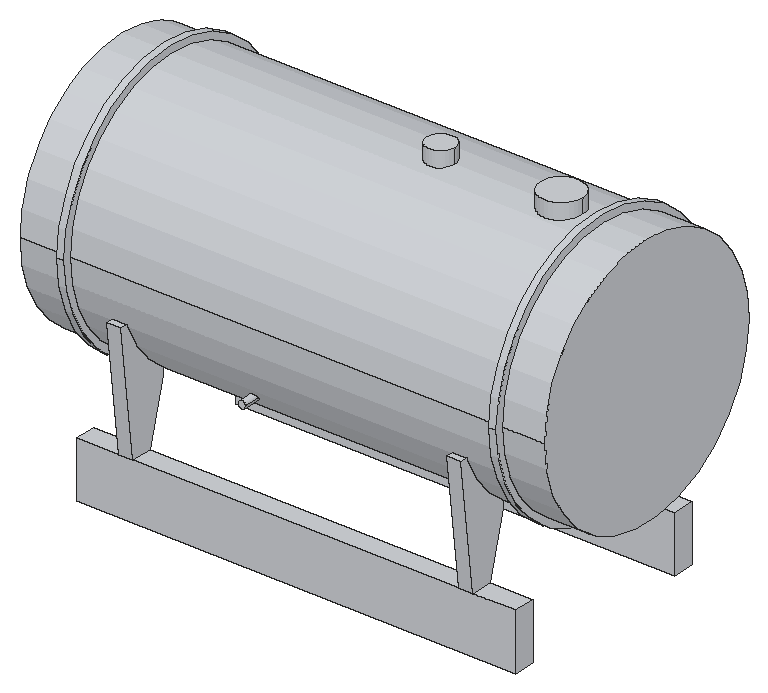
Revit family "M_Caldeira de tubo de fogo", category Equipamento mecânico, Revit 2019
Family settings
  Cota do conector redondo = Usar raio
  Tipo de parte = Normal
  Número OmniClass = 23.75.10.11.14.21
  Título OmniClass = Firebox Heating Boilers
  ID de item do Seek = Firetube Boiler-0000-CAN-ENU
  Com base no plano de trabalho = Não
  Sempre na vertical = Sim
  Corte com vazios quando carregada = Não
  Compartilhado = Não
  Ponto de cálculo do ambiente = Não
Parameters (values of type "15 kW")
  Fluxo da água [instance] = 0.0 L/s
  Fluxo do vapor [instance] = 8.83 L/s
  Raio da ventilação = 75 mm
  Diâmetro da ventilação = Raio da ventilação * 2  # 150 mm
  Raio do vapor = 50 mm
  Queda de pressão do vapor [instance] = 0.0 Pa
  Diâmetro do vapor = Raio do vapor * 2  # 100 mm
  Comprimento da tubulação 2 = 1143 mm
  Comprimento da tubulação 1 = 759 mm
  Altura da tubulação 1 = 530 mm
  Calor de saída [instance] = 15000 W
  Comprimento 3 = Comprimento 1 - 212.725 mm * tan(15.00°)  # 262.901 mm
  Comprimento 2 = Diâmetro da caldeira * 0.9 / 2  # 411.3 mm
  Comprimento 1 = Diâmetro da caldeira * 0.7 / 2  # 319.9 mm
  Calor de entrada [instance] = 18750 W
  Altura 1 = Raio da caldeira + 50.8 mm  # 507.8 mm
  Raio do gás = 12.5 mm
  Fluxo de gás [instance] = 0.0 L/s
  Diâmetro do gás = Raio do gás * 2  # 25 mm
  Fluxo do ar de exaustão [instance] = 0.0 L/s
  Comprimento do duto = 304 mm
  Raio da água gelada = 12.5 mm
  Diâmetro da água gelada = Raio da água gelada * 2  # 25 mm
  Raio da caldeira = Diâmetro da caldeira / 2  # 457 mm
  Deslocamento do raio da caldeira = Raio da caldeira + 25.4 mm  # 482.4 mm
  Material do boiler = none
  Comprimento da caldeira = 1880 mm
  Altura da caldeira = Altura central da caldeira + Raio da caldeira + 50.8 mm  # 1326.8 mm
  Diâmetro da caldeira = 914 mm
  Altura central da caldeira = 819 mm
Types (7, lengths in mm): name | Fluxo do vapor | Raio da ventilação | Diâmetro da ventilação | Raio do vapor | Diâmetro do vapor | Comprimento da tubulação 2 | Comprimento da tubulação 1 | Altura da tubulação 1 | Calor de saída | Comprimento 3 | Comprimento 2 | Comprimento 1 | Calor de entrada | Altura 1 | Raio do gás | Diâmetro do gás | Comprimento do duto | Raio da água gelada | Diâmetro da água gelada | Raio da caldeira | Deslocamento do raio da caldeira | Comprimento da caldeira | Altura da caldeira | Diâmetro da caldeira | Altura central da caldeira
  (no name) | 8.83 L/s | 75 | 150 | 50 | 100 | 1143 | 759 | 530 | 15000 W | 262.901 | 411.3 | 319.9 | 18750 W | 507.8 | 12.5 | 25 | 304 | 12.5 | 25 | 457 | 482.4 | 1880 | 1326.8 | 914 | 819
  15 kW | 8.83 L/s | 75 | 150 | 50 | 100 | 1143 | 759 | 530 | 15000 W | 262.901 | 411.3 | 319.9 | 18750 W | 507.8 | 12.5 | 25 | 304 | 12.5 | 25 | 457 | 482.4 | 1880 | 1326.8 | 914 | 819
  30 kW | 17.6 L/s | 100 | 200 | 75 | 150 | 1626 | 1143 | 530 | 30000 W | 262.901 | 411.3 | 319.9 | 37500 W | 507.8 | 12.5 | 25 | 330 | 12.5 | 25 | 457 | 482.4 | 2997 | 1326.8 | 914 | 819
  45 kW | 22.02 L/s | 125 | 250 | 75 | 150 | 1346 | 987 | 603 | 45000 W | 369.651 | 548.55 | 426.65 | 56250 W | 660.3 | 25 | 50 | 356 | 25 | 50 | 609.5 | 634.9 | 2692 | 1632.3 | 1219 | 972
  53 kW | 23.97 L/s | 150 | 300 | 75 | 150 | 1803 | 1451 | 603 | 52500 W | 369.651 | 548.55 | 426.65 | 65625 W | 660.3 | 25 | 50 | 381 | 25 | 50 | 609.5 | 634.9 | 3658 | 1632.3 | 1219 | 972
  60 kW | 26.37 L/s | 150 | 300 | 75 | 150 | 1803 | 1451 | 603 | 60000 W | 369.651 | 548.55 | 426.65 | 75000 W | 660.3 | 25 | 50 | 381 | 25 | 50 | 609.5 | 634.9 | 3658 | 1632.3 | 1219 | 972
  75 kW | 35.14 L/s | 150 | 300 | 75 | 150 | 2007 | 1654 | 603 | 75000 W | 369.651 | 548.55 | 426.65 | 93750 W | 660.3 | 25 | 50 | 381 | 25 | 50 | 609.5 | 634.9 | 4115 | 1632.3 | 1219 | 972
Reference planes
  plane 1 "Centro (Frente/Trás)": y = 0
  plane 2: z = 0
  plane 3 "Centro (Esquerda/Direita)": x = 0
  plane 4: y = -792.2
  plane 5: y = -76.2
  plane 6: y = -716
  plane 7: y = -396.1
  plane 8: x = -1727.6
  plane 9: x = 152.4
  plane 10: x = -1575.2
  plane 11: z = 203.2
  plane 12: z = 415.925
  plane 13: z = 650.875
  plane 14: y = -133.199
  plane 15: y = -659.001
  plane 16: y = 54.126
  plane 17: y = -846.326
  plane 18: z = 819
  plane 19: x = -584.6
  plane 20: x = -151.6
  plane 21: z = 1326.8
  plane 22: x = -968.6
  plane 23: z = 530
  plane 24: y = -807.4
  plane 25: y = 15.2
  plane 26: x = -1270.4
Forms (mm)
  Extrusion 1, solid, material <- "Material do boiler"
    sketch origin (0, 0, 0) x (0, 1, 0) y (0, 0, 1)
      loop
        line (0, 203.2) -> (-76.2, 203.2) -> (-76.2, 0) -> (0, 0) -> (0, 203.2)
      loop
        line (-716, 203.2) -> (-792.2, 203.2) -> (-792.2, 0) -> (-716, 0) -> (-716, 203.2)
    from -1575.2 to 0
  Extrusion 2, solid, material <- "Material do boiler"
    sketch origin (0, 0, 0) x (0, 1, 0) y (0, 0, 1)
      loop
        line (-76.2, 203.2) -> (0, 203.2) -> (54.126, 650.875) -> (-133.199, 650.875) -> (-133.199, 415.925) -> (-76.2, 203.2)
      loop
        line (-716, 203.2) -> (-659.001, 415.925) -> (-659.001, 650.875) -> (-846.326, 650.875) -> (-792.2, 203.2) -> (-716, 203.2)
    from -1372 to -1422.8
  Extrusion 3, solid, material <- "Material do boiler"
    sketch origin (0, 0, 0) x (0, 1, 0) y (0, 0, 1)
      loop
        line (54.126, 650.875) -> (-133.199, 650.875) -> (-133.199, 415.925) -> (-76.2, 203.2) -> (0, 203.2) -> (54.126, 650.875)
      loop
        line (-659.001, 650.875) -> (-846.326, 650.875) -> (-792.2, 203.2) -> (-716, 203.2) -> (-659.001, 415.925) -> (-659.001, 650.875)
    from -152.4 to -203.2
  Extrusion 4, solid, material <- "Material do boiler"
    sketch origin (0, 0, 0) x (0, 1, 0) y (0, 0, 1)
      loop
        circle (-396.1, 819) r 457
    from -1727.6 to 152.4
  Extrusion 5, solid, material <- "Material do boiler", detail levels fine
    sketch origin (0, 0, 0) x (0, 1, 0) y (0, 0, 1)
      loop
        circle (-396.1, 819) r 482.4
    from 0 to -25.4
  Extrusion 6, solid, material <- "Material do boiler", detail levels fine
    sketch origin (0, 0, 0) x (0, 1, 0) y (0, 0, 1)
      loop
        circle (-396.1, 819) r 482.4
    from -1575.2 to -1549.8
  Extrusion 7, solid, material <- "Material do boiler"
    sketch origin (0, 0, 0) x (1, 0, 0) y (0, 1, 0)
      loop
        circle (-584.6, -396.1) r 50
      loop
        circle (-151.6, -396.1) r 75
    from 819 to 1326.8
  Extrusion 8, solid, material <- "Material do boiler"
    sketch origin (0, 0, 0) x (1, 0, 0) y (0, 0, 1)
      loop
        circle (-968.6, 530) r 12.5
    from 396.1 to 807.4
  Extrusion 9, solid, material <- "Material do boiler"
    sketch origin (0, 0, 0) x (1, 0, 0) y (0, 0, 1)
      loop
        circle (-968.6, 530) r 12.5
    from -15.2 to 396.1
  Extrusion 10, solid, material <- "Material do boiler"
    sketch origin (0, 0, 0) x (1, 0, 0) y (0, 1, 0)
      loop
        circle (-1270.4, -396.1) r 19.05
    from 311.2 to 819
Cuts and joins
  joined: Extrusion 1, Extrusion 2, Extrusion 3, Extrusion 4, Extrusion 7, Extrusion 8, Extrusion 9, Extrusion 10
  joined: Extrusion 5, Extrusion 6
Dimensions and locks
  locked: plane 5 to plane 1 "Centro (Frente/Trás)" at 76.2
  locked: plane 6 to plane 4 at 76.2
  "Comprimento 1": plane 5 to plane 7
  "Comprimento 1": plane 7 to plane 6
  locked: plane 3 "Centro (Esquerda/Direita)" to plane 9 at 152.4
  "Comprimento da caldeira": plane 8 to plane 9
  locked: plane 8 to plane 10 at 152.4
  locked: plane 11 to plane 2 at 203.2
  locked: plane 12 to plane 11 at 212.725
  locked: plane 13 to plane 11 at 447.675
  "Comprimento 3": plane 14 to plane 7
  "Comprimento 3": plane 7 to plane 15
  locked: plane 16 to plane 14 at 187.325
  locked: plane 15 to plane 17 at 187.325
  "Altura central da caldeira": plane 18 to plane 2
  locked: Extrusion 6 to plane 10 at 25.4
  locked: plane 3 "Centro (Esquerda/Direita)" to Extrusion 5 at 25.4
  "Comprimento da tubulação 2": plane 8 to plane 19
  "Comprimento do duto": plane 20 to plane 9
  "Altura da caldeira": plane 21 to plane 2
  "Comprimento da tubulação 1": plane 8 to plane 22
  "Altura da tubulação 1": plane 23 to plane 2
  "Comprimento 2": plane 7 to plane 24
  "Comprimento 2": plane 25 to plane 7
  locked: cut or joined group 1 (Extrusion 1, Extrusion 2, Extrusion 3, Extrusion 4, Extrusion 7, Extrusion 8, Extrusion 9, Extrusion 10) to plane 10 at 152.4
  locked: cut or joined group 1 to cut or joined group 1 at 50.8  (x2)
  locked: plane 3 "Centro (Esquerda/Direita)" to cut or joined group 1 at 152.4
  locked: plane 10 to plane 26 at 304.8
  "Altura 1": plane 18 to Extrusion 10
  "Raio da caldeira": radius of Extrusion 4 sketch curve
  "Deslocamento do raio da caldeira": radius of Extrusion 5 sketch curve
  "Deslocamento do raio da caldeira": radius of Extrusion 6 sketch curve
  "Raio do vapor": radius of Extrusion 7 sketch curve
  "Raio da ventilação": radius of Extrusion 7 sketch curve
  "Raio da água gelada": radius of Extrusion 8 sketch curve
  "Raio do gás": radius of Extrusion 9 sketch curve
  radius of Extrusion 10 sketch curve = 19.05 mm
  aligned and locked: plane 1 "Centro (Frente/Trás)" to Extrusion 1 sketch curve
  aligned and locked: plane 11 to Extrusion 1 sketch curve
  aligned and locked: level to Extrusion 1 sketch curve
  aligned and locked: Extrusion 1 sketch curve to plane 5
  aligned and locked: plane 6 to Extrusion 1 sketch curve
  aligned and locked: Extrusion 1 sketch curve to plane 4
  aligned and locked: Extrusion 1 to plane 10
  aligned and locked: plane 3 "Centro (Esquerda/Direita)" to Extrusion 1
  aligned and locked: Extrusion 1 to Extrusion 2 sketch curve
  aligned and locked: plane 14 to Extrusion 2 sketch curve
  aligned and locked: Extrusion 2 sketch curve to plane 13  (x2)
  aligned and locked: Extrusion 2 sketch curve to Extrusion 1  (x4)
  aligned and locked: plane 17 to Extrusion 2 sketch curve
  aligned and locked: plane 12 to Extrusion 2 sketch curve
  aligned and locked: plane 15 to Extrusion 2 sketch curve
  aligned and locked: Extrusion 3 sketch curve to Extrusion 2  (x5)
  aligned and locked: Extrusion 3 sketch curve to Extrusion 1  (x2)
  aligned and locked: Extrusion 2 to Extrusion 3 sketch curve
  aligned and locked: plane 7 to Extrusion 4 sketch curve
  aligned and locked: plane 18 to Extrusion 4 sketch curve
  aligned and locked: Extrusion 4 to plane 8
  aligned and locked: plane 9 to Extrusion 4
  aligned and locked: plane 7 to Extrusion 5 sketch curve
  aligned and locked: plane 18 to Extrusion 5 sketch curve
  aligned and locked: plane 7 to Extrusion 6 sketch curve
  aligned and locked: plane 18 to Extrusion 6 sketch curve
  aligned and locked: Extrusion 6 to plane 10
  aligned and locked: Extrusion 5 to plane 3 "Centro (Esquerda/Direita)"
  aligned and locked: plane 19 to Extrusion 7 sketch curve
  aligned and locked: plane 7 to Extrusion 7 sketch curve  (x2)
  aligned and locked: plane 20 to Extrusion 7 sketch curve
  aligned and locked: Extrusion 7 to plane 18
  aligned and locked: plane 21 to Extrusion 7
  aligned and locked: plane 22 to Extrusion 8 sketch curve
  aligned and locked: plane 23 to Extrusion 8 sketch curve
  aligned and locked: plane 7 to Extrusion 8
  aligned and locked: plane 24 to Extrusion 8
  aligned and locked: plane 22 to Extrusion 9 sketch curve
  aligned and locked: plane 23 to Extrusion 9 sketch curve
  aligned and locked: Extrusion 9 to plane 7
  aligned and locked: plane 25 to Extrusion 9
  aligned and locked: plane 26 to Extrusion 10 sketch curve
  aligned and locked: plane 7 to Extrusion 10 sketch curve
  aligned and locked: plane 18 to Extrusion 10
Automatic sketch dimensions
  Extrusion 1 sketch curve to level = 0 mm
  Extrusion 1 sketch curve to plane 11 = 0 mm
  Extrusion 2 sketch curve to plane 4 = 0 mm
  Extrusion 2 sketch curve to plane 16 = 0 mm
  Extrusion 2 sketch curve to plane 12 = 0 mm
  Extrusion 3 sketch curve to plane 17 = 0 mm
  Extrusion 3 sketch curve to plane 4 = 0 mm
  Extrusion 3 sketch curve to plane 5 = 0 mm
  Extrusion 3 sketch curve to plane 1 "Centro (Frente/Trás)" = 0 mm
  Extrusion 3 sketch curve to plane 12 = 0 mm
Connectors
  piping at (-584.6, -396.1, 1326.8), diameter 100, driven by "Raio do vapor", driven by "Fluxo do vapor", driven by "Queda de pressão do vapor"
    settings: on cut or joined group 1, index 1, connector inside diameter 100 mm, connector length 0 mm, flow factor 0, pipe flow 8.83 L/s, pressure drop 0.0 Pa, fitting loss kfactor 0, connector angle 0.00°, fixture units 0, engagement length 0 mm, angle of deflection 0.00°, flow configuration 0, flow direction 2, fitting loss method 4, system type 22, joint type 0, gender type 0, connector reference index -1, connector utility 0, adjustable connector no, is connector primary yes, connector description "Saída de vapor"
  piping at (-968.6, -807.4, 530), diameter 25, driven by "Raio da água gelada", driven by "Fluxo da água"
    settings: on cut or joined group 1, index 2, connector inside diameter 25 mm, connector length 0 mm, flow factor 0, pipe flow 0.0 L/s, pressure drop 0.0 Pa, fitting loss kfactor 0, connector angle 0.00°, fixture units 0, engagement length 0 mm, angle of deflection 0.00°, flow configuration 0, flow direction 1, fitting loss method 0, system type 8, joint type 0, gender type 0, connector reference index -1, connector utility 0, adjustable connector no, is connector primary no, connector description "Entrada de água gelada"
  piping at (-968.6, 15.2, 530), diameter 25, driven by "Raio do gás", driven by "Fluxo de gás"
    settings: on cut or joined group 1, index 3, connector inside diameter 25 mm, connector length 0 mm, flow factor 0, pipe flow 0.0 L/s, pressure drop 0.0 Pa, fitting loss kfactor 0, connector angle 0.00°, fixture units 0, engagement length 0 mm, angle of deflection 0.00°, flow configuration 1, flow direction 1, fitting loss method 4, system type 22, joint type 0, gender type 0, connector reference index -1, connector utility 0, adjustable connector no, is connector primary no, connector description "Entrada de gás"
  hvac at (-151.6, -396.1, 1326.8), driven by "Raio da ventilação", driven by "Fluxo do ar de exaustão"
    settings: on cut or joined group 1, index 4, duct flow 0.0 L/s, flow factor 0, pres drop 0.0 Pa, loss coef 0, conn angle 0.00°, conn width 304.8 mm, conn height 304.8 mm, conn diameter 150 mm, duct sys type 3, conn prof type 0, flow config 1, flow direction 2, loss method 0, conn ref index -1, conn util no, is conn primary yes, conn desc ""
  piping at (-1270.4, -396.1, 311.2), diameter 40
    settings: on cut or joined group 1, index 5, connector inside diameter 40 mm, connector length 0 mm, flow factor 0, pipe flow 0.0 L/s, pressure drop 0.0 Pa, fitting loss kfactor 0, connector angle 0.00°, fixture units 0, engagement length 0 mm, angle of deflection 0.00°, flow configuration 1, flow direction 2, fitting loss method 0, system type 16, joint type 0, gender type 0, connector reference index -1, connector utility 0, adjustable connector no, is connector primary no, connector description "Saída da drenagem"
  electrical at (152.4, -396.1, 819)
    settings: on cut or joined group 1, index 6, voltage 0 V, apparent load 0 VA, apparent load phase1 0 VA, apparent load phase2 0 VA, apparent load phase3 0 VA, power factor 1, load classification "Outros", number of poles 1, system type 13, power factor state 1, is connector primary yes, connector utility no, sub classification motor no, connector description "Gás e o controle de segurança"
